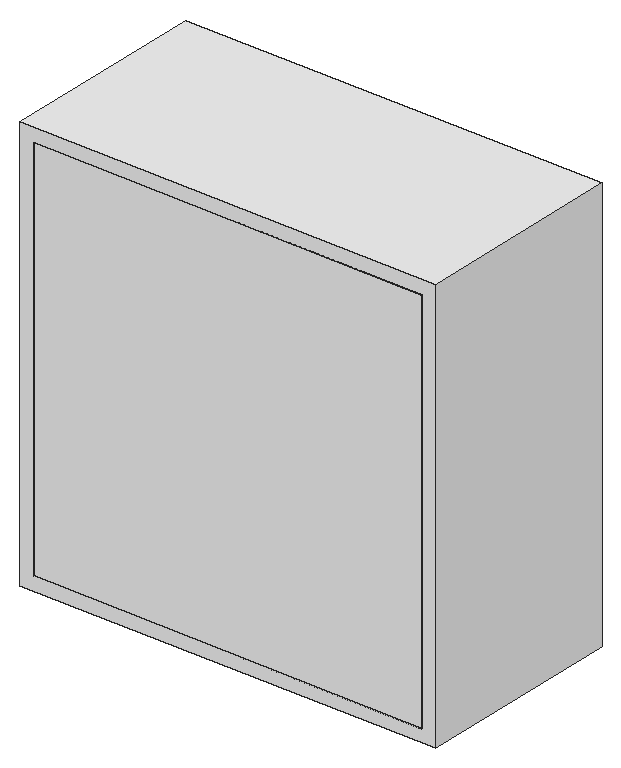
Revit family "M_Armário superior-Porta dupla-Parede", category Componentes de gabinete, Revit 2019
Family settings
  Hospedeiro = Parede
  Número OmniClass = 23.40.35.17.47.11
  Título OmniClass = Kitchen Casework
  ID de item do Seek = Upper Cabinet-Double Door-Wall-0000-CAN-ENU
  Sempre na vertical = Sim
  Corte com vazios quando carregada = Não
  Compartilhado = Não
  Ponto de cálculo do ambiente = Não
Parameters (values of type "600mm")
  Material do armário = none
  Linear = 300 mm
  Material da porta/gaveta = none
  Material do puxador = Armários - Puxadores
  Height = 600 mm
  Topo do armário = 2000 mm
  Width = 600 mm
Types (3, lengths in mm): name | Width
  (no name) | 600
  600mm | 600
  1000mm | 1000
Reference planes
  plane 1: y = 0
  plane 2 "Centro": x = 29.771
  plane 3 "Direita": x = 329.771
  plane 4 "Esquerda": x = -270.229
  plane 5: z = 1400
  plane 6: z = 2000
  plane 7 "Parte frontal": y = 376.2
  plane 8: y = 76.2
  plane 9: z = 1700
Forms (mm)
  Extrusion 1, solid, material <- "Material do armário"
    sketch origin (0, 76.2, 0) x (1, 0, 0) y (0, 0, 1)
      loop
        line (329.771, 2000) -> (-270.229, 2000) -> (-270.229, 1400) -> (329.771, 1400) -> (329.771, 2000)
      loop
        line (310.721, 1980.95) -> (-251.179, 1980.95) -> (-251.179, 1419.05) -> (310.721, 1419.05) -> (310.721, 1980.95)
    from 0 to -300
  Extrusion 2, solid, material <- "Material do armário"
    sketch origin (0, 76.2, 0) x (1, 0, 0) y (0, 0, 1)
      loop
        line (310.721, 1980.95) -> (-251.179, 1980.95) -> (-251.179, 1419.05) -> (310.721, 1419.05) -> (310.721, 1980.95)
    from 0 to -19.05
  Extrusion 3, solid, material <- "Material da porta/gaveta"
    sketch origin (0, 376.2, 0) x (0, 0, 1) y (1, 0, 0)
      loop
        line (1980.95, 310.721) -> (1419.05, 310.721) -> (1419.05, 32.946) -> (1980.95, 32.946) -> (1980.95, 310.721)
      loop
        line (1980.95, -251.179) -> (1980.95, 26.596) -> (1419.05, 26.596) -> (1419.05, -251.179) -> (1980.95, -251.179)
    from 12.7 to -19.05
  Sweep 4, solid, material "Armários - Puxadores" <- "Material do puxador"
    path origin (4.371, 0, 0) x (0, 1, 0) y (0, 0, 1)
      loop
        line (388.9, 1552.4) -> (401.6, 1552.4)
        arc (401.6, 1552.4) -> (410.58, 1548.68) -> (414.3, 1539.7) r 12.7
        line (414.3, 1539.7) -> (414.3, 1463.5)
        arc (414.3, 1463.5) -> (410.58, 1454.52) -> (401.6, 1450.8) r 12.7
        line (401.6, 1450.8) -> (388.9, 1450.8)
    profile origin (4.371, 395.25, 0) x (0, 0, 1) y (1, 0, 0)
      loop
        circle (1552.4, 0) r 6.35
  Sweep 5, solid, material "Armários - Puxadores" <- "Material do puxador"
    path origin (55.171, 0, 0) x (0, 1, 0) y (0, 0, -1)
      loop
        line (388.9, -1552.4) -> (401.6, -1552.4)
        arc (401.6, -1552.4) -> (410.58, -1548.68) -> (414.3, -1539.7) r 12.7
        line (414.3, -1539.7) -> (414.3, -1463.5)
        arc (414.3, -1463.5) -> (410.58, -1454.52) -> (401.6, -1450.8) r 12.7
        line (401.6, -1450.8) -> (388.9, -1450.8)
    profile origin (55.171, 395.25, 0) x (0, 0, -1) y (-1, 0, 0)
      loop
        circle (-1552.4, 0) r 6.35
Lines and regions (mm)
  model lines
    curve 1: line (29.771, 376.2, 1980.95) -> (29.771, 376.2, 1419.05)
  symbolic lines, style "Rep. da planta - Acima"
    curve 2: line (-270.229, 376.2, 0) -> (329.771, 376.2, 0)
    curve 3: line (-270.229, 76.2, 0) -> (-270.229, 376.2, 0)
    curve 4: line (329.771, 76.2, 0) -> (-270.229, 76.2, 0)
    curve 5: line (329.771, 376.2, 0) -> (329.771, 76.2, 0)
  symbolic lines, style "Giro da elevação"
    curve 6: line (32.946, 0, 1980.95) -> (310.721, 0, 1700)
    curve 7: line (310.721, 0, 1700) -> (32.946, 0, 1419.05)
    curve 8: line (26.596, 0, 1419.05) -> (-251.179, 0, 1700)
    curve 9: line (-251.179, 0, 1700) -> (26.596, 0, 1980.95)
Text (mm)
  text "Lado da colocação" at (0, 1019.848, 3124.603), in view "Direita"
  text "Lado da colocação" at (-1198.245, 1500.971, 0), in view "Linha do piso"
  text "Lado da colocação" at (0, 1020.14, 3065.962), in view "Esquerda"
Dimensions and locks
  equal spacing: plane 4 "Esquerda", plane 2 "Centro", plane 3 "Direita"
  "Width": plane 4 "Esquerda" to plane 3 "Direita"
  "Height": plane 5 to plane 6
  "Linear": plane 8 to plane 7 "Parte frontal"
  equal spacing: plane 5, plane 9, plane 6
  "Topo do armário": level to plane 6
  aligned and locked: plane 8 to host wall
  aligned and locked: plane 7 "Parte frontal" to Extrusion 1
  aligned and locked: Extrusion 2 sketch curve to Extrusion 1  (x4)
  aligned and locked: curve 1 to Extrusion 3  (x2)
Automatic sketch dimensions
  Extrusion 1 sketch curve to plane 4 "Esquerda" = 0 mm
  Extrusion 1 sketch curve to plane 3 "Direita" = 0 mm
  Extrusion 1 sketch curve to plane 5 = 0 mm
  Extrusion 1 sketch curve to plane 6 = 0 mm
  plane 4 "Esquerda" to Extrusion 1 sketch curve = 19.05 mm
  Extrusion 1 sketch curve to plane 3 "Direita" = 19.05 mm
  Extrusion 1 sketch curve to plane 5 = 19.05 mm
  plane 6 to Extrusion 1 sketch curve = 19.05 mm
  Sweep 4 sketch curve to profile plane = 0 mm
  profile plane to Sweep 4 sketch curve = 6.35 mm
  Sweep 5 sketch curve to profile plane = 0 mm
  profile plane to Sweep 5 sketch curve = 6.35 mm
  curve 4 to host wall = 0 mm
  curve 4 to plane 4 "Esquerda" = 0 mm
  curve 4 to plane 3 "Direita" = 0 mm
  curve 3 to plane 7 "Parte frontal" = 0 mm
  plane 7 "Parte frontal" to Sweep 4 sketch curve = 12.7 mm  (x2)
  Sweep 4 sketch curve to Sweep 4 sketch curve = 12.7 mm  (x3)
  Sweep 4 sketch curve to plane 5 = 50.8 mm
  Sweep 4 sketch curve to Sweep 4 sketch curve = 76.2 mm
  plane 7 "Parte frontal" to Sweep 5 sketch curve = 12.7 mm  (x2)
  Sweep 5 sketch curve to Sweep 5 sketch curve = 12.7 mm  (x3)
  Sweep 5 sketch curve to plane 5 = 152.4 mm
  Sweep 5 sketch curve to plane 5 = 63.5 mm
  plane 2 "Centro" to Extrusion 3 sketch curve = 3.175 mm
  Extrusion 3 sketch curve to plane 5 = 19.05 mm
  Extrusion 3 sketch curve to Extrusion 3 sketch curve = 0 mm
  Extrusion 3 sketch curve to plane 2 "Centro" = 3.175 mm
  plane 6 to Extrusion 3 sketch curve = 19.05 mm  (x2)
  plane 4 "Esquerda" to Extrusion 3 sketch curve = 19.05 mm
  Extrusion 3 sketch curve to plane 3 "Direita" = 19.05 mm
  curve 6 to plane 9 = 0 mm
  curve 8 to plane 9 = 0 mm
  curve 1 to plane 2 "Centro" = 0 mm
  plane 2 "Centro" to curve 6 = 3.175 mm
  curve 6 to curve 1 = 0 mm
  curve 9 to plane 2 "Centro" = 3.175 mm
  curve 9 to curve 1 = 0 mm
  curve 8 to plane 2 "Centro" = 3.175 mm
  curve 8 to curve 1 = 0 mm
  plane 2 "Centro" to curve 7 = 3.175 mm
  curve 7 to curve 1 = 0 mm
  plane 4 "Esquerda" to curve 8 = 19.05 mm
  curve 6 to plane 3 "Direita" = 19.05 mm
